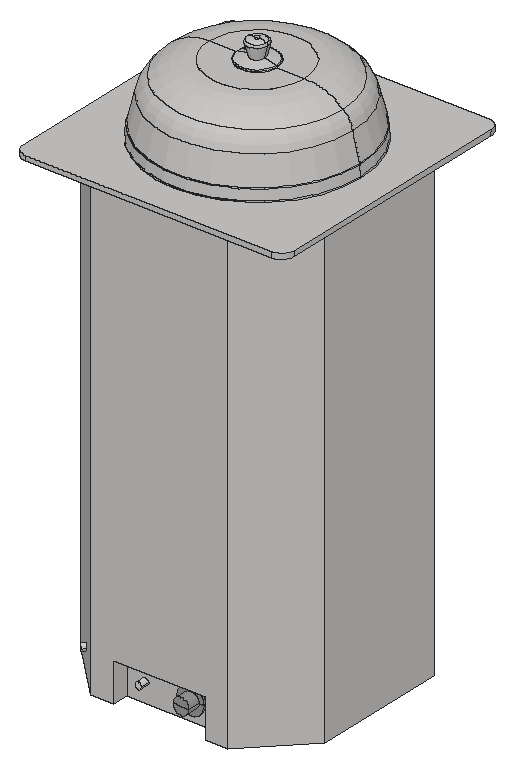
Revit family "QF_BOURGEAT_silo_encastrable_modele_rond_assiettes310", category Equipement spécialisé, Revit 2015
Parameters (values of type "silo_rond_assiettes310_chauffant_non_ventile")
  URL catalogue = "http://www.bourgeat.fr"
  URL = ""
  Type de Raccord Electrique = ""
  Type article = ""
  Tension = 230 V
  Spécification du Fabricant = "SILO A NIVEAU CONSTANT ENCASTRABLE"
  Remarques Electricité = ""
  Puissance électrique  = 900 W
  Profondeur hors tout = 428 mm
  Poids net à vide = 13.00 kg
  Phase = 2
  Modèle = "777430"
  Longueur hors tout = 428 mm
  Intensité nominale = 3.91304 A
  Indice de protection = "21"
  Hauteur hors tout = 883 mm
  Fréquence = 50 Hz
  Fabricant = "BOURGEAT"
  Contact SAV = "0033(0)4.76.32.14.44"
  Charge max = 80.00 kg
Types (3, lengths in mm): name | Tension | Puissance électrique  | Phase | Modèle | Intensité nominale | Indice de protection | Fréquence
  (no name) | 230 V | 900 W | 2 | "777430" | 3.91304 A | "21" | 50 Hz
  silo_rond_assiettes310_chauffant_non_ventile | 230 V | 900 W | 2 | "777430" | 3.91304 A | "21" | 50 Hz
  silo_rond_assiettes310_neutre | 0 V | 0 W | 0 | "777433" | 0 A | "" | 0 Hz
Reference planes
  plane 1 "Centre (avant/arrière)": y = 0
  plane 2: z = 0
  plane 3 "Centre (gauche/droite)": x = 0
  plane 4: x = 193
  plane 5: x = -193
  plane 6: y = 193
  plane 7: y = -193
  plane 8: through (-150.614, -150.614, 1200) normal (-0.7071, -0.7071, 0)
  plane 9: through (150.614, 150.614, 1200) normal (0.7071, 0.7071, 0)
  plane 10: through (-150.614, 150.614, 1200) normal (-0.7071, 0.7071, 0)
  plane 11: through (150.614, -150.614, 1200) normal (0.7071, -0.7071, 0)
  plane 12: z = 734
  plane 13: z = 742
  plane 14: y = 214
  plane 15: y = -214
  plane 16: x = -214
  plane 17: x = 214
  plane 18: x = 72.5
  plane 19: x = -72.5
  plane 20: z = 60
  plane 21: y = -168
  plane 22: z = 882.998
Forms (mm)
  Extrusion 1, solid, material "Acier inoxydable, brossé"
    sketch origin (0, 0, 0) x (1, 0, 0) y (0, 1, 0)
      loop
        line (-108.227, 193) -> (-193, 108.227) -> (-193, -108.227) -> (-108.227, -193) -> (108.227, -193) -> (193, -108.227) -> (193, 108.227) -> (108.227, 193) -> (-108.227, 193)
    from 0 to 734
  Extrusion 2, solid, material "Acier inoxydable, brossé"
    sketch origin (0, 0, 0) x (1, 0, 0) y (0, 1, 0)
      loop
        arc (-194, 214) -> (-208.142, 208.142) -> (-214, 194) r 20
        line (-214, 194) -> (-214, -194)
        arc (-214, -194) -> (-208.142, -208.142) -> (-194, -214) r 20
        line (-194, -214) -> (194, -214)
        arc (194, -214) -> (208.142, -208.142) -> (214, -194) r 20
        line (214, -194) -> (214, 194)
        arc (214, 194) -> (208.142, 208.142) -> (194, 214) r 20
        line (194, 214) -> (-194, 214)
    from 734 to 742
  Extrusion 3, void
    sketch origin (0, 0, 0) x (1, 0, 0) y (0, 0, 1)
      loop
        line (-72.5, 60) -> (-72.5, 0) -> (72.5, 0) -> (72.5, 60) -> (-72.5, 60)
    from 168 to 250
  Extrusion 4, solid
    sketch origin (0, 0, 0) x (1, 0, 0) y (0, 0, 1)
      loop
        circle (-42.623, 30.5) r 5
    from 168 to 181.255
Cuts and joins
  Extrusion 3 cuts Extrusion 1
Dimensions and locks
  plane 5 to plane 4 = 386 mm
  plane 6 to plane 7 = 386 mm
  plane 11 to plane 10 = 426 mm
  plane 9 to plane 8 = 426 mm
  aligned and locked: level to plane 2
  aligned and locked: plane 12 to Extrusion 1
  aligned and locked: Extrusion 2 sketch curve to plane 14
  aligned and locked: Extrusion 2 sketch curve to plane 16
  aligned and locked: Extrusion 2 sketch curve to plane 15
  aligned and locked: Extrusion 2 sketch curve to plane 17
  aligned and locked: plane 13 to Extrusion 2
  aligned and locked: Extrusion 2 to plane 12
  aligned and locked: nested 1 to Extrusion 2
  aligned and locked: Extrusion 3 sketch curve to plane 20
  aligned and locked: Extrusion 3 sketch curve to plane 19
  aligned and locked: plane 2 to Extrusion 3 sketch curve
  aligned and locked: Extrusion 3 sketch curve to plane 18
  aligned and locked: plane 21 to cut or joined group of Extrusion 1, Extrusion 3
  aligned and locked: cut or joined group of Extrusion 1, Extrusion 3 to Extrusion 4
Nested families
  nested 1: "couvercle_rond" at (0, 0, -156), type "couvercle_rond"
  nested 2: "bouton_rond" at (31, -168, 30.5) x (-1, 0, 0) z (0, 0, 1), type "bouton_rond"
  nested 3: "Famille3" at (-150.105, -151.123, 35) x (0.7071, -0.7071, 0) z (-0.7071, -0.7071, 0), type "Famille3"
Connectors
  electrical at (-154.327, -155.345, 35), driven by "Tension"
    settings: on nested 3, index 1, voltage 230 V, apparent load 0 VA, apparent load phase1 900 VA, apparent load phase2 0 VA, apparent load phase3 0 VA, power factor 1, load classification "Autre", number of poles 1, system type 30, power factor state 1, is connector primary yes, connector utility no, sub classification motor no, connector description ""
Definition of nested family "couvercle_rond"
  Parameters (values of type "couvercle_rond")
    diametre = 328 mm
    Profondeur_hors_tout = 505 mm
    Largeur_hors_tout = 442 mm
  Reference planes
    plane 1 "Centre (avant/arrière)": y = 0
    plane 2: z = 0
    plane 3 "Centre (gauche/droite)": x = 0
    plane 4: x = 252.5
    plane 5: x = -252.5
    plane 6: y = 221
    plane 7: y = -221
    plane 8: z = 165
    plane 9: z = 898
    plane 10: z = 845
    plane 11: z = 186.5
    plane 12: z = 1048
    plane 13: x = -164
    plane 14: x = 164
    plane 15: z = 1008
    plane 16: x = 150
    plane 17: x = 75
    plane 18: x = -75
    plane 19: z = 926
    plane 20: x = -75.5
    plane 21: x = 31
    plane 22: x = -31
  Forms (mm)
    Revolve 1, solid
      sketch origin (0, 0, 0) x (1, 0, 0) y (0, 0, 1)
        loop
          line (-164, 898) -> (0, 898) -> (0, 1008) -> (-75.5, 1008)
          arc (-75.5, 1008) -> (-107.639, 1002.136) -> (-135.636, 985.299) r 91
          arc (-135.636, 985.299) -> (-145.31, 973.76) -> (-151.11, 959.864) r 50
          line (-151.11, 959.864) -> (-161.681, 917.448)
          arc (-161.681, 917.448) -> (-161.919, 916.93) -> (-162, 916.365) r 2
          line (-162, 916.365) -> (-164, 900.205) -> (-164, 898)
        axis (0, 898) -> (0, 1008)
      angle from 0 to 360
    Revolve 2, solid
      sketch origin (0, 0, -9) x (1, 0, 0) y (0, 0, 1)
        loop
          line (0, 1048) -> (-5, 1048)
          arc (-5, 1048) -> (-10.071, 1047.323) -> (-14.787, 1045.338) r 19.326
          arc (-14.787, 1045.338) -> (-16.044, 1043.889) -> (-16.166, 1041.975) r 3
          line (-16.166, 1041.975) -> (-11.137, 1023.206) -> (-30.225, 1018.799)
          arc (-30.225, 1018.799) -> (-30.783, 1018.447) -> (-31, 1017.825) r 1
          line (-31, 1017.825) -> (-31, 1017) -> (0, 1017) -> (0, 1048)
        axis (0, 1048) -> (0, 1017)
      angle from 0 to 360
  Dimensions and locks
    equal spacing: plane 6, plane 1 "Centre (avant/arrière)", plane 7
    "Largeur_hors_tout": plane 6 to plane 7
    "Profondeur_hors_tout": plane 5 to plane 4
    equal spacing: plane 5, plane 3 "Centre (gauche/droite)", plane 4
    equal spacing: plane 13, plane 3 "Centre (gauche/droite)", plane 14
    plane 15 to plane 9 = 110 mm
    "diametre": plane 13 to plane 14
    aligned and locked: level to plane 2
    aligned and locked: Revolve 1 sketch curve to plane 15
    aligned and locked: Revolve 2 to plane 15
  Automatic sketch dimensions
    plane 15 to Revolve 2 sketch curve = 0 mm
    plane 22 to Revolve 2 sketch curve = 0 mm
    Revolve 2 sketch curve to plane 12 = 9 mm
    Revolve 2 sketch curve to plane 3 "Centre (gauche/droite)" = 0 mm  (x2)
    Revolve 2 sketch curve to plane 22 = 0.775 mm
    Revolve 2 sketch curve to Revolve 2 sketch curve = 0.225 mm
    Revolve 2 sketch curve to plane 12 = 15.025 mm
    Revolve 2 sketch curve to plane 22 = 14.834 mm
    Revolve 2 sketch curve to Revolve 2 sketch curve = 2.898 mm
    Revolve 2 sketch curve to plane 3 "Centre (gauche/droite)" = 11.137 mm
    Revolve 2 sketch curve to plane 3 "Centre (gauche/droite)" = 5 mm
    plane 15 to Revolve 2 sketch curve = 0.825 mm
    plane 15 to Revolve 2 sketch curve = 6.206 mm
    Revolve 2 sketch curve to Revolve 2 sketch curve = 5.468 mm
    Revolve 2 sketch curve to Revolve 2 sketch curve = 0.776 mm
    Revolve 2 sketch curve to Revolve 2 sketch curve = 5.041 mm
    Revolve 2 sketch curve to plane 12 = 5.041 mm
    plane 13 to Revolve 1 sketch curve = 0 mm
    Revolve 1 sketch curve to plane 20 = 0 mm
    Revolve 1 sketch curve to plane 3 "Centre (gauche/droite)" = 0 mm  (x2)
    Revolve 1 sketch curve to plane 9 = 0 mm
    Revolve 1 sketch curve to plane 13 = 2 mm
    Revolve 1 sketch curve to Revolve 1 sketch curve = 0.319 mm
    Revolve 1 sketch curve to Revolve 1 sketch curve = 1.681 mm
    Revolve 1 sketch curve to plane 13 = 12.89 mm
    plane 9 to Revolve 1 sketch curve = 2.205 mm
    Revolve 1 sketch curve to plane 19 = 9.635 mm
    Revolve 1 sketch curve to plane 19 = 9 mm
    plane 19 to Revolve 1 sketch curve = 21.772 mm
    Revolve 1 sketch curve to Revolve 1 sketch curve = 15.474 mm
    Revolve 1 sketch curve to Revolve 1 sketch curve = 0 mm
    plane 10 to Revolve 1 sketch curve = 20 mm
    plane 12 to Revolve 1 sketch curve = 57 mm
Definition of nested family "bouton_rond"
  Reference planes
    plane 1 "Centre (avant/arrière)": y = 0
    plane 2: z = 0
    plane 3 "Centre (gauche/droite)": x = 0
    plane 4: y = 2
    plane 5: y = 21
    plane 6: x = -21.5
    plane 7: x = -12.5
  Forms (mm)
    Revolve 1, solid
      sketch origin (0, 0, 0) x (1, 0, 0) y (0, 1, 0)
        loop
          line (0, 0) -> (0, 21) -> (-12.5, 21) -> (-12.5, 2) -> (-21.5, 2) -> (-21.5, 0) -> (0, 0)
        axis (0, 21) -> (0, 0)
      angle from 0 to 360
  Dimensions and locks
    aligned and locked: level to plane 2
Definition of nested family "Famille3"
  Parameters (values of type "Famille3")
    Default Elevation = 1219.2 mm
  Reference planes
    plane 1 "Centre (avant/arrière)": y = 0
    plane 2: z = 0
    plane 3 "Centre (gauche/droite)": x = 0
  Forms (mm)
    Extrusion 1, solid
      sketch origin (0, 0, 0) x (1, 0, 0) y (0, 1, 0)
        loop
          line (-1219.2, 1219.2) -> (-1219.2, -1219.2) -> (1219.2, -1219.2) -> (1219.2, 1219.2) -> (-1219.2, 1219.2)
      from 0 to -304.8
    Extrusion 2, solid
      sketch origin (0, 0, 0) x (1, 0, 0) y (0, 1, 0)
        loop
          circle (0, 0) r 5
      from 0 to 5.971
  Dimensions and locks
    aligned and locked: plane 2 to Extrusion 1
    aligned and locked: level to Extrusion 1
